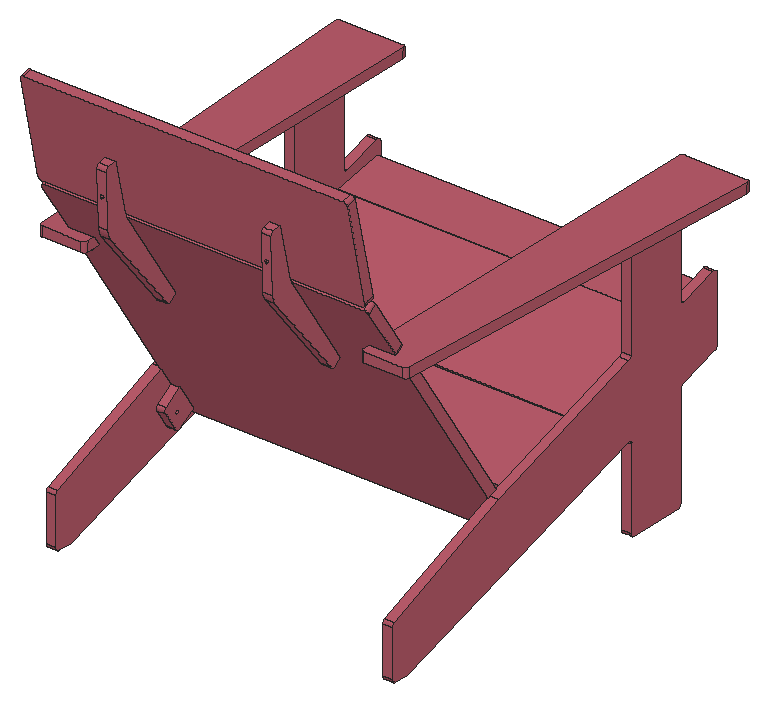
Revit family "Lollygagger Lounge", category Furniture, Revit 2016 (continued)
Automatic sketch dimensions
  Extrusion 8 sketch curve to Extrusion 8 sketch curve = 0' - 4"
  Extrusion 8 sketch curve to Extrusion 8 sketch curve = 0' - 0.17422"
  Extrusion 8 sketch curve to Extrusion 8 sketch curve = 0' - 2.34549"
  Extrusion 8 sketch curve to Extrusion 8 sketch curve = 0' - 2.57578"
  Extrusion 8 sketch curve to Extrusion 8 sketch curve = 0' - 3.05531"
  Extrusion 8 sketch curve to Extrusion 8 sketch curve = 0' - 5.24222"
  Extrusion 8 sketch curve to Extrusion 8 sketch curve = 0' - 1.43138"
  Extrusion 8 sketch curve to Extrusion 8 sketch curve = 0' - 3.44049"
  Extrusion 8 sketch curve to Extrusion 8 sketch curve = 0' - 0.84342"
  Extrusion 8 sketch curve to Extrusion 8 sketch curve = 0' - 4.70765"
  Extrusion 8 sketch curve to Extrusion 8 sketch curve = 0' - 3.65674"
  Extrusion 8 sketch curve to Extrusion 8 sketch curve = 0' - 0.52433"
  Extrusion 8 sketch curve to Extrusion 8 sketch curve = 0' - 5.83073"
  Extrusion 9 sketch curve to Extrusion 9 sketch curve = 0' - 0.15635"
  Extrusion 9 sketch curve to Extrusion 9 sketch curve = 0' - 0 1/4"  (x10)
  Extrusion 9 sketch curve to Extrusion 9 sketch curve = 0' - 0.90372"
  Extrusion 9 sketch curve to Extrusion 9 sketch curve = 0' - 8.51552"
  Extrusion 9 sketch curve to Extrusion 9 sketch curve = 0' - 10.49734"
  Extrusion 9 sketch curve to Extrusion 9 sketch curve = 0' - 0.07578"  (x3)
  Extrusion 9 sketch curve to Extrusion 9 sketch curve = 0' - 0.07725"  (x3)
  Extrusion 9 sketch curve to Extrusion 9 sketch curve = 0' - 3 1/2"
  Extrusion 9 sketch curve to Extrusion 9 sketch curve = 0' - 4"
  Extrusion 9 sketch curve to Extrusion 9 sketch curve = 0' - 0.17422"
  Extrusion 9 sketch curve to Extrusion 9 sketch curve = 0' - 2.34549"
  Extrusion 9 sketch curve to Extrusion 9 sketch curve = 0' - 2.57578"
  Extrusion 9 sketch curve to Extrusion 9 sketch curve = 0' - 3.05531"
  Extrusion 9 sketch curve to Extrusion 9 sketch curve = 0' - 5.24222"
  Extrusion 9 sketch curve to Extrusion 9 sketch curve = 0' - 1.43138"
  Extrusion 9 sketch curve to Extrusion 9 sketch curve = 0' - 3.44049"
  Extrusion 9 sketch curve to Extrusion 9 sketch curve = 0' - 0.84342"
  Extrusion 9 sketch curve to Extrusion 9 sketch curve = 0' - 4.70765"
  Extrusion 9 sketch curve to Extrusion 9 sketch curve = 0' - 3.65674"
  Extrusion 9 sketch curve to Extrusion 9 sketch curve = 0' - 0.52433"
  Extrusion 9 sketch curve to Extrusion 9 sketch curve = 0' - 5.83073"
  Extrusion 20 sketch curve to Extrusion 20 sketch curve = 0' - 0.53858"
  Extrusion 20 sketch curve to Extrusion 20 sketch curve = 0' - 0.43196"
  Extrusion 20 sketch curve to Extrusion 20 sketch curve = 0' - 1.51016"
  Extrusion 21 sketch curve to Extrusion 21 sketch curve = 0' - 0.27288"
  Extrusion 21 sketch curve to Extrusion 21 sketch curve = 0' - 0.05198"  (x2)
  Extrusion 21 sketch curve to Extrusion 21 sketch curve = 0' - 0.78358"
  Extrusion 21 sketch curve to Extrusion 21 sketch curve = 0' - 0.52275"
  Extrusion 22 sketch curve to Extrusion 22 sketch curve = 0' - 0.00016"  (x2)
  Extrusion 22 sketch curve to Extrusion 22 sketch curve = 0' - 0.31142"
  Extrusion 2 sketch curve to plane 8 = 0' - 0"  (x2)
  Extrusion 2 sketch curve to plane 9 = 0' - 0"  (x2)
  Extrusion 2 sketch curve to Extrusion 2 sketch curve = 0' - 0 1/4"  (x3)
  Extrusion 2 sketch curve to plane 8 = 0' - 0 1/4"
  Extrusion 2 sketch curve to Extrusion 2 sketch curve = 0' - 0 1/8"  (x2)
  plane 8 to Extrusion 2 sketch curve = 0' - 0 1/8"  (x2)
  plane 8 to Extrusion 2 sketch curve = 0' - 0 1/4"
  Extrusion 2 sketch curve to Extrusion 2 sketch curve = 0' - 1 5/16"
  Extrusion 2 sketch curve to Extrusion 2 sketch curve = 0' - 0"  (x2)
  Extrusion 2 sketch curve to plane 9 = 0' - 1 11/16"
  Extrusion 2 sketch curve to plane 9 = 0' - 0 1/4"
  Extrusion 2 sketch curve to plane 9 = 0' - 0 1/8"  (x2)
  plane 9 to Extrusion 2 sketch curve = 0' - 0 1/4"  (x2)
  Extrusion 2 sketch curve to Extrusion 2 sketch curve = 0' - 2 3/4"  (x2)
  Extrusion 2 sketch curve to Extrusion 2 sketch curve = 1' - 1.97553"  (x2)
  Extrusion 2 sketch curve to Extrusion 2 sketch curve = 0' - 0.09897"  (x2)
  Extrusion 2 sketch curve to Extrusion 2 sketch curve = 0' - 3.9255"
  Extrusion 5 sketch curve to plane 5 = 0' - 0 5/16"
  Extrusion 5 sketch curve to Extrusion 5 sketch curve = 0' - 0 1/8"  (x3)
  Extrusion 5 sketch curve to plane 8 = 0' - 0 3/16"  (x2)
  Extrusion 5 sketch curve to Extrusion 5 sketch curve = 0' - 5 3/4"
  Extrusion 6 sketch curve to plane 9 = 0' - 0"
  Extrusion 6 sketch curve to plane 8 = 0' - 0"
  Extrusion 6 sketch curve to Extrusion 6 sketch curve = 0' - 7.70956"
  Extrusion 12 sketch curve to plane 8 = 0' - 0"
  Extrusion 12 sketch curve to plane 9 = 0' - 0"
  Extrusion 12 sketch curve to Extrusion 12 sketch curve = 0' - 2 1/4"
  Extrusion 23 sketch curve to plane 9 = 0' - 0"
  Extrusion 23 sketch curve to plane 8 = 0' - 0"
  Extrusion 23 sketch curve to Extrusion 23 sketch curve = 0' - 3.28911"
  plane 8 to Extrusion 11 sketch curve = 0' - 0"
  plane 9 to Extrusion 11 sketch curve = 0' - 0"
  level to Extrusion 11 sketch curve = 0' - 7.05498"
  Extrusion 11 sketch curve to Extrusion 11 sketch curve = 0' - 3.54203"
  curve 49 to plane 5 = 0' - 0"
  curve 49 to plane 9 = 0' - 0"
  curve 54 to plane 8 = 0' - 0"
  curve 58 to plane 4 = 0' - 0"
  curve 38 to plane 9 = 0' - 0 1/8"
  curve 48 to plane 9 = 0' - 0 1/4"
  curve 43 to plane 9 = 0' - 0 1/4"
  curve 44 to curve 41 = 0' - 0"
  curve 38 to curve 38 = 0' - 1 5/16"
  curve 37 to curve 32 = 0' - 0 1/4"
  plane 8 to curve 50 = 0' - 1 11/16"
  curve 50 to curve 52 = 0' - 0 1/4"
  plane 8 to curve 48 = 0' - 0 1/4"
  plane 8 to curve 43 = 0' - 0 1/4"
  curve 44 to curve 43 = 0' - 0"
  plane 8 to curve 52 = 0' - 0 1/8"
  curve 44 to curve 41 = 0' - 0.0439"
  plane 7 to curve 48 = 0' - 0.60898"
  curve 58 to curve 54 = 0' - 1.48771"
  curve 41 to curve 40 = 0' - 2.27414"
  curve 53 to curve 52 = 0' - 0.06808"
  curve 39 to curve 38 = 0' - 0.06808"
  curve 51 to curve 50 = 0' - 0.13616"
  curve 37 to curve 32 = 0' - 0.13616"
  curve 33 to curve 32 = 0' - 0"
  curve 33 to curve 50 = 0' - 0"
  curve 46 to curve 46 = 0' - 0.13616"
  curve 55 to curve 46 = 0' - 0"
  curve 41 to curve 41 = 0' - 0.13616"
  curve 42 to curve 42 = 0' - 0.05624"
  curve 45 to curve 55 = 0' - 0.23629"
  curve 56 to curve 45 = 0' - 0"
  curve 47 to curve 47 = 0' - 0.05624"
  curve 48 to curve 57 = 0' - 0.05624"
  curve 40 to curve 47 = 0' - 0.16436"
  curve 54 to curve 57 = 0' - 0.16436"
  curve 41 to curve 49 = 0' - 0.65028"
  plane 1 "Center Front/Back" to curve 36 = 0' - 1.97061"
  curve 35 to plane 1 "Center Front/Back" = 0' - 3.89828"
  curve 35 to curve 34 = 0' - 0.11929"
  curve 50 to plane 6 = 0' - 0 1/4"
  curve 32 to plane 6 = 0' - 0 1/4"
  curve 33 to plane 6 = 0' - 0.1139"
  plane 5 to curve 16 = 0' - 0"
  plane 9 to curve 12 = 0' - 0"
  plane 9 to curve 20 = 0' - 0"
  plane 9 to curve 17 = 0' - 0"
  curve 3 to plane 11 = 0' - 0"
  plane 8 to curve 4 = 0' - 0"
  plane 8 to curve 10 = 0' - 0"
  plane 8 to curve 1 = 0' - 0"
  plane 4 to curve 10 = 0' - 0"
  curve 13 to plane 9 = 0' - 0 1/8"
  curve 19 to plane 11 = 0' - 0.0725"
  curve 19 to plane 9 = 0' - 0 7/8"
  plane 10 to curve 13 = 0' - 0.2652"
  curve 19 to curve 13 = 0' - 0 9/16"
  curve 14 to curve 21 = 0' - 0 1/4"
  curve 15 to curve 20 = 0' - 0"
  plane 8 to curve 3 = 0' - 1 11/16"
  curve 7 to curve 1 = 0' - 0"
  curve 6 to curve 5 = 0' - 0 1/4"
  curve 8 to plane 11 = 0' - 0.0725"
  curve 2 to curve 8 = 0' - 0 13/16"
  plane 8 to curve 5 = 0' - 0 1/8"
  curve 20 to curve 15 = 0' - 0.05553"
  plane 10 to curve 7 = 0' - 0.05553"
  curve 6 to curve 5 = 0' - 0.20967"
  plane 5 to curve 18 = 0' - 0 7/8"
  curve 22 to curve 18 = 0' - 0.008"
  curve 8 to plane 4 = 0' - 0 7/8"
  curve 8 to curve 3 = 0' - 0.008"
  curve 16 to curve 17 = 0' - 0.9839"
  curve 10 to plane 11 = 0' - 1.0564"
  level to curve 11 = 0' - 0.25498"
  level to curve 17 = 0' - 0.25498"
  curve 21 to curve 15 = 0' - 0.25713"
  plane 11 to curve 7 = 0' - 0.25713"
  curve 4 to curve 4 = 0' - 0.10483"
  curve 12 to curve 12 = 0' - 0.10483"
  curve 28 to plane 11 = 0' - 0"
  curve 27 to plane 10 = 0' - 0"
  curve 28 to curve 24 = 0' - 0.76742"
  curve 29 to plane 11 = 0' - 0.93618"
  curve 31 to curve 29 = 0' - 0.38035"
  curve 62 to plane 11 = 0' - 0.07002"
  curve 62 to plane 6 = 0' - 5.09552"
  curve 61 to curve 60 = 0' - 0.62519"
  plane 7 to curve 23 = 0' - 0.57985"
  curve 24 to curve 25 = 0' - 0.15919"
  plane 10 to curve 25 = 0' - 0.26768"
  curve 25 to curve 25 = 0' - 0.4122"
  curve 25 to curve 26 = 0' - 0.3892"
  curve 26 to curve 28 = 0' - 0.41588"
  curve 31 to plane 11 = 0' - 2.0304"
  plane 1 "Center Front/Back" to curve 63 = 0' - 3.17831"
  curve 63 to curve 63 = 0' - 0.61538"
  curve 59 to curve 62 = 0' - 1.7025"
  curve 60 to curve 59 = 0' - 1.70231"
  Masking region 1 sketch curve to plane 5 = 0' - 0"
  Masking region 1 sketch curve to plane 9 = 0' - 0"
  Masking region 1 sketch curve to plane 8 = 0' - 0"
  Masking region 1 sketch curve to plane 4 = 0' - 0"
  plane 5 to Masking region 1 sketch curve = 0' - 0.45147"
  Masking region 1 sketch curve to Masking region 1 sketch curve = 0' - 0.24959"  (x4)
  plane 5 to Masking region 1 sketch curve = 0' - 1.92281"
  Masking region 1 sketch curve to plane 6 = 0' - 0.26426"  (x2)
  Masking region 1 sketch curve to plane 9 = 0' - 0 1/4"
  Masking region 1 sketch curve to plane 6 = 0' - 0 1/4"
  Masking region 1 sketch curve to plane 9 = 0' - 1 7/16"
  Masking region 1 sketch curve to plane 6 = 0' - 0.1139"
  plane 8 to Masking region 1 sketch curve = 0' - 1.6472"
  Masking region 1 sketch curve to Masking region 1 sketch curve = 0' - 0.2097"
  plane 8 to Masking region 1 sketch curve = 0' - 0 1/4"
  Masking region 1 sketch curve to plane 4 = 0' - 0.45138"
  Masking region 1 sketch curve to plane 4 = 0' - 1.92271"
  plane 7 to Masking region 1 sketch curve = 0' - 3 17/64"  (x2)
  Masking region 1 sketch curve to Masking region 1 sketch curve = 0' - 0.01426"  (x2)
  plane 7 to Masking region 1 sketch curve = 0' - 2.76878"  (x2)
  Masking region 1 sketch curve to plane 7 = 0' - 0.16074"  (x2)
  Masking region 1 sketch curve to Masking region 1 sketch curve = 0' - 0.05624"
  Masking region 2 sketch curve to level = 0' - 0"  (x2)
  Masking region 2 sketch curve to plane 10 = 0' - 0"
  Masking region 2 sketch curve to plane 11 = 0' - 0"  (x2)
  Masking region 2 sketch curve to plane 6 = 0' - 0"  (x2)
  plane 7 to Masking region 2 sketch curve = 0' - 0.392"
  plane 7 to Masking region 2 sketch curve = 0' - 0.20113"
  plane 7 to Masking region 2 sketch curve = 0' - 0.1217"
  plane 7 to Masking region 2 sketch curve = 0' - 0.06546"
  Masking region 2 sketch curve to plane 7 = 0' - 0.01596"
  Masking region 2 sketch curve to plane 7 = 0' - 0.12817"
  plane 7 to Masking region 2 sketch curve = 0' - 0.98352"
  Masking region 2 sketch curve to Masking region 2 sketch curve = 0' - 0.49596"
  Masking region 2 sketch curve to Masking region 2 sketch curve = 0' - 0.03241"
  Masking region 2 sketch curve to Masking region 2 sketch curve = 0' - 0.07933"
  Masking region 2 sketch curve to Masking region 2 sketch curve = 0' - 0.48719"
  Masking region 2 sketch curve to Masking region 2 sketch curve = 0' - 0.15473"
  Masking region 2 sketch curve to Masking region 2 sketch curve = 0' - 0.09268"
  Masking region 2 sketch curve to Masking region 2 sketch curve = 0' - 0 1/4"  (x4)
  Masking region 2 sketch curve to plane 11 = 0' - 2.25852"
  Masking region 2 sketch curve to Masking region 2 sketch curve = 0' - 0.1956"
  Masking region 2 sketch curve to plane 11 = 0' - 2 5/16"
  Masking region 2 sketch curve to Masking region 2 sketch curve = 0' - 0.61149"
  level to Masking region 2 sketch curve = 0' - 5 187/256"
  Masking region 2 sketch curve to Masking region 2 sketch curve = 0' - 0.07578"  (x2)
  Masking region 2 sketch curve to Masking region 2 sketch curve = 0' - 0.07725"  (x2)
  level to Masking region 2 sketch curve = 0' - 0 1/4"  (x2)
  Masking region 2 sketch curve to plane 6 = 0' - 7"
  Masking region 2 sketch curve to plane 6 = 0' - 3 1/4"
  Masking region 2 sketch curve to plane 6 = 0' - 3"
  Masking region 2 sketch curve to Masking region 2 sketch curve = 0' - 0.17422"
  Masking region 2 sketch curve to plane 6 = 0' - 0.32725"
  Masking region 2 sketch curve to plane 6 = 0' - 0 1/4"  (x2)
  Masking region 2 sketch curve to plane 6 = 0' - 0.17422"
  Masking region 2 sketch curve to Masking region 2 sketch curve = 0' - 1.43138"
  Masking region 2 sketch curve to Masking region 2 sketch curve = 0' - 0.84342"
  Masking region 2 sketch curve to Masking region 2 sketch curve = 0' - 4.70765"
  Masking region 2 sketch curve to Masking region 2 sketch curve = 0' - 3.65674"
  Masking region 2 sketch curve to Masking region 2 sketch curve = 0' - 0.52433"
  Masking region 2 sketch curve to Masking region 2 sketch curve = 0' - 0.59051"
  Masking region 2 sketch curve to Masking region 2 sketch curve = 0' - 0.25166"
  Masking region 3 sketch curve to plane 11 = 0' - 0"  (x2)
  Masking region 3 sketch curve to plane 10 = 0' - 0"  (x2)
  plane 5 to Masking region 3 sketch curve = 0' - 0"
  plane 9 to Masking region 3 sketch curve = 0' - 0"  (x3)
  plane 8 to Masking region 3 sketch curve = 0' - 0"  (x3)
  plane 4 to Masking region 3 sketch curve = 0' - 0"
  Masking region 3 sketch curve to level = 0' - 0"  (x2)
  plane 5 to Masking region 3 sketch curve = 0' - 0.883"
  Masking region 3 sketch curve to Masking region 3 sketch curve = 0' - 1.28981"  (x2)
  Masking region 3 sketch curve to plane 9 = 0' - 0 1/4"
  plane 8 to Masking region 3 sketch curve = 0' - 0 5/8"
  plane 8 to Masking region 3 sketch curve = 0' - 0 1/4"  (x3)
  Masking region 3 sketch curve to plane 4 = 0' - 0.883"
  Masking region 3 sketch curve to Masking region 3 sketch curve = 0' - 0.33404"
  Masking region 3 sketch curve to Masking region 3 sketch curve = 0' - 0.07002"
  Masking region 3 sketch curve to plane 11 = 0' - 0.07002"
  plane 10 to Masking region 3 sketch curve = 0' - 3.66472"  (x2)
  Masking region 3 sketch curve to Masking region 3 sketch curve = 0' - 0.41537"  (x2)
  Masking region 3 sketch curve to Masking region 3 sketch curve = 0' - 0.24359"  (x2)
  Masking region 3 sketch curve to plane 9 = 0' - 0.14994"
  Masking region 3 sketch curve to Masking region 3 sketch curve = 0' - 0.10006"  (x2)
  plane 8 to Masking region 3 sketch curve = 0' - 0.14994"
  Masking region 3 sketch curve to Masking region 3 sketch curve = 0' - 0.19214"  (x2)
  Extrusion 10 sketch curve to plane 8 = 0' - 0"
  Extrusion 10 sketch curve to plane 9 = 0' - 0"
  plane 8 to Extrusion 10 sketch curve = 0' - 0 1/4"
  Extrusion 10 sketch curve to Extrusion 10 sketch curve = 0' - 0 1/4"  (x2)
  Extrusion 10 sketch curve to plane 9 = 0' - 0 1/4"
  Extrusion 10 sketch curve to Extrusion 10 sketch curve = 0' - 6 1/2"
  Masking region 3 sketch curve to plane 9 = 0' - 0 5/8"
  Extrusion 25 sketch curve to Extrusion 25 sketch curve = 0' - 0.07351"  (x2)
  Extrusion 25 sketch curve to Extrusion 25 sketch curve = 0' - 0.20967"  (x2)
  Extrusion 25 sketch curve to Extrusion 25 sketch curve = 0' - 0.81696"
  Extrusion 25 sketch curve to Extrusion 25 sketch curve = 0' - 0.72258"
  Extrusion 25 sketch curve to Extrusion 25 sketch curve = 0' - 0.13616"
  Extrusion 25 sketch curve to Extrusion 25 sketch curve = 0' - 1.10076"  (x2)
  Extrusion 25 sketch curve to Extrusion 25 sketch curve = 0' - 0 183/256"
  Extrusion 25 sketch curve to Extrusion 25 sketch curve = 0' - 0.83303"
  Extrusion 25 sketch curve to Extrusion 25 sketch curve = 0' - 0.34583"
  Extrusion 26 sketch curve to Extrusion 26 sketch curve = 0' - 0.53858"
  Extrusion 26 sketch curve to Extrusion 26 sketch curve = 0' - 0.43196"
  Extrusion 26 sketch curve to Extrusion 26 sketch curve = 0' - 1.51016"
  Extrusion 27 sketch curve to Extrusion 27 sketch curve = 0' - 0.27288"  (x2)
  Extrusion 27 sketch curve to Extrusion 27 sketch curve = 0' - 0.05198"  (x2)
  Extrusion 27 sketch curve to Extrusion 27 sketch curve = 0' - 0.78358"
  Extrusion 27 sketch curve to Extrusion 27 sketch curve = 0' - 0.52275"
  Extrusion 28 sketch curve to Extrusion 28 sketch curve = 0' - 0.00016"  (x2)
  Extrusion 28 sketch curve to Extrusion 28 sketch curve = 0' - 0.31142"
  Extrusion 29 sketch curve to Extrusion 29 sketch curve = 0' - 0.21826"
  Extrusion 29 sketch curve to Extrusion 29 sketch curve = 0' - 0.12073"  (x2)
  Extrusion 29 sketch curve to Extrusion 29 sketch curve = 0' - 0.00647"
  Extrusion 29 sketch curve to Extrusion 29 sketch curve = 0' - 0.50682"
  Extrusion 29 sketch curve to Extrusion 29 sketch curve = 0' - 0.23672"
  Extrusion 26 sketch curve to Extrusion 26 sketch curve = 0' - 0.09153"
  Extrusion 26 sketch curve to Extrusion 26 sketch curve = 0' - 0.13462"
  Extrusion 26 sketch curve to Extrusion 26 sketch curve = 0' - 1.65284"
  Extrusion 26 sketch curve to Extrusion 26 sketch curve = 0' - 0.13541"
  Extrusion 26 sketch curve to Extrusion 26 sketch curve = 0' - 0.07358"
  Extrusion 26 sketch curve to Extrusion 26 sketch curve = 0' - 0 11/32"
  Extrusion 26 sketch curve to Extrusion 26 sketch curve = 0' - 0.00845"
  Extrusion 27 sketch curve to Extrusion 27 sketch curve = 0' - 0.19256"  (x2)
  Extrusion 27 sketch curve to Extrusion 27 sketch curve = 0' - 0.60331"
  Extrusion 27 sketch curve to Extrusion 27 sketch curve = 0' - 0.24454"  (x2)
  Extrusion 27 sketch curve to Extrusion 27 sketch curve = 0' - 0.31187"
  Extrusion 28 sketch curve to Extrusion 28 sketch curve = 0' - 1 3/4"
  Extrusion 28 sketch curve to Extrusion 28 sketch curve = 0' - 0.00108"  (x2)
  Extrusion 29 sketch curve to Extrusion 29 sketch curve = 0' - 0.28263"
  Extrusion 29 sketch curve to Extrusion 29 sketch curve = 0' - 0.00036"
  Extrusion 29 sketch curve to Extrusion 29 sketch curve = 0' - 0.21649"
  Extrusion 29 sketch curve to Extrusion 29 sketch curve = 0' - 0.51096"
  Extrusion 30 sketch curve to Extrusion 30 sketch curve = 0' - 0.07351"  (x2)
  Extrusion 30 sketch curve to Extrusion 30 sketch curve = 0' - 0.20967"  (x2)
  Extrusion 30 sketch curve to Extrusion 30 sketch curve = 0' - 0.81696"
  Extrusion 30 sketch curve to Extrusion 30 sketch curve = 0' - 0.72258"
  Extrusion 30 sketch curve to Extrusion 30 sketch curve = 0' - 0.13616"
  Extrusion 30 sketch curve to Extrusion 30 sketch curve = 0' - 1.10076"  (x2)
  Extrusion 30 sketch curve to Extrusion 30 sketch curve = 0' - 0 183/256"
  Extrusion 30 sketch curve to Extrusion 30 sketch curve = 0' - 0.83303"
  Extrusion 30 sketch curve to Extrusion 30 sketch curve = 0' - 0.34583"
  Extrusion 31 sketch curve to Extrusion 31 sketch curve = 0' - 0.53858"
  Extrusion 31 sketch curve to Extrusion 31 sketch curve = 0' - 0.43196"
  Extrusion 31 sketch curve to Extrusion 31 sketch curve = 0' - 1.51016"
  Extrusion 32 sketch curve to Extrusion 32 sketch curve = 0' - 0.27288"  (x2)
  Extrusion 32 sketch curve to Extrusion 32 sketch curve = 0' - 0.05198"  (x2)
  Extrusion 32 sketch curve to Extrusion 32 sketch curve = 0' - 0.78358"
  Extrusion 32 sketch curve to Extrusion 32 sketch curve = 0' - 0.52275"
  Extrusion 33 sketch curve to Extrusion 33 sketch curve = 0' - 0.00016"  (x2)
  Extrusion 33 sketch curve to Extrusion 33 sketch curve = 0' - 0.31142"
  Extrusion 34 sketch curve to Extrusion 34 sketch curve = 0' - 0.21826"
  Extrusion 34 sketch curve to Extrusion 34 sketch curve = 0' - 0.12073"  (x2)
  Extrusion 34 sketch curve to Extrusion 34 sketch curve = 0' - 0.00647"
  Extrusion 34 sketch curve to Extrusion 34 sketch curve = 0' - 0.50682"
  Extrusion 34 sketch curve to Extrusion 34 sketch curve = 0' - 0.23672"
  Extrusion 31 sketch curve to Extrusion 31 sketch curve = 0' - 0.09153"
  Extrusion 31 sketch curve to Extrusion 31 sketch curve = 0' - 0.13462"
  Extrusion 31 sketch curve to Extrusion 31 sketch curve = 0' - 1.65284"
  Extrusion 31 sketch curve to Extrusion 31 sketch curve = 0' - 0.13541"
  Extrusion 31 sketch curve to Extrusion 31 sketch curve = 0' - 0.07358"
  Extrusion 31 sketch curve to Extrusion 31 sketch curve = 0' - 0 11/32"
  Extrusion 31 sketch curve to Extrusion 31 sketch curve = 0' - 0.00845"
  Extrusion 32 sketch curve to Extrusion 32 sketch curve = 0' - 0.19256"  (x2)
  Extrusion 32 sketch curve to Extrusion 32 sketch curve = 0' - 0.60331"
  Extrusion 32 sketch curve to Extrusion 32 sketch curve = 0' - 0.24454"  (x2)
  Extrusion 32 sketch curve to Extrusion 32 sketch curve = 0' - 0.31187"
  Extrusion 33 sketch curve to Extrusion 33 sketch curve = 0' - 1 3/4"
  Extrusion 33 sketch curve to Extrusion 33 sketch curve = 0' - 0.00108"  (x2)
  Extrusion 34 sketch curve to Extrusion 34 sketch curve = 0' - 0.28263"
  Extrusion 34 sketch curve to Extrusion 34 sketch curve = 0' - 0.00036"
  Extrusion 34 sketch curve to Extrusion 34 sketch curve = 0' - 0.21649"
  Extrusion 34 sketch curve to Extrusion 34 sketch curve = 0' - 0.51096"
  Extrusion 36 sketch curve to Extrusion 36 sketch curve = 0' - 0.53858"
  Extrusion 36 sketch curve to Extrusion 36 sketch curve = 0' - 0.43196"
  Extrusion 36 sketch curve to Extrusion 36 sketch curve = 0' - 1.51016"
  Extrusion 37 sketch curve to Extrusion 37 sketch curve = 0' - 0.27288"  (x2)
  Extrusion 37 sketch curve to Extrusion 37 sketch curve = 0' - 0.05198"  (x2)
  Extrusion 37 sketch curve to Extrusion 37 sketch curve = 0' - 0.78358"
  Extrusion 37 sketch curve to Extrusion 37 sketch curve = 0' - 0.52275"
  Extrusion 38 sketch curve to Extrusion 38 sketch curve = 0' - 0.00016"  (x2)
  Extrusion 38 sketch curve to Extrusion 38 sketch curve = 0' - 0.31142"
  Extrusion 35 sketch curve to Extrusion 35 sketch curve = 0' - 0.07351"  (x2)
  Extrusion 35 sketch curve to Extrusion 35 sketch curve = 0' - 0.20967"  (x2)
  Extrusion 35 sketch curve to Extrusion 35 sketch curve = 0' - 0.81696"
  Extrusion 35 sketch curve to Extrusion 35 sketch curve = 0' - 0.72258"
  Extrusion 35 sketch curve to Extrusion 35 sketch curve = 0' - 0.13616"
  Extrusion 35 sketch curve to Extrusion 35 sketch curve = 0' - 1.10076"  (x2)
  Extrusion 35 sketch curve to Extrusion 35 sketch curve = 0' - 0 183/256"
  Extrusion 35 sketch curve to Extrusion 35 sketch curve = 0' - 0.83303"
  Extrusion 35 sketch curve to Extrusion 35 sketch curve = 0' - 0.34583"
  Extrusion 39 sketch curve to Extrusion 39 sketch curve = 0' - 0.21826"
  Extrusion 39 sketch curve to Extrusion 39 sketch curve = 0' - 0.12073"  (x2)
  Extrusion 39 sketch curve to Extrusion 39 sketch curve = 0' - 0.00647"
  Extrusion 39 sketch curve to Extrusion 39 sketch curve = 0' - 0.50682"
  Extrusion 39 sketch curve to Extrusion 39 sketch curve = 0' - 0.23672"
  Extrusion 36 sketch curve to Extrusion 36 sketch curve = 0' - 0.09153"
  Extrusion 36 sketch curve to Extrusion 36 sketch curve = 0' - 0.13462"
  Extrusion 36 sketch curve to Extrusion 36 sketch curve = 0' - 1.65284"
  Extrusion 36 sketch curve to Extrusion 36 sketch curve = 0' - 0.13541"
  Extrusion 36 sketch curve to Extrusion 36 sketch curve = 0' - 0.07358"
  Extrusion 36 sketch curve to Extrusion 36 sketch curve = 0' - 0 11/32"
  Extrusion 36 sketch curve to Extrusion 36 sketch curve = 0' - 0.00845"
  Extrusion 37 sketch curve to Extrusion 37 sketch curve = 0' - 0.19256"  (x2)
  Extrusion 37 sketch curve to Extrusion 37 sketch curve = 0' - 0.60331"
  Extrusion 37 sketch curve to Extrusion 37 sketch curve = 0' - 0.24454"  (x2)
  Extrusion 37 sketch curve to Extrusion 37 sketch curve = 0' - 0.31187"
  Extrusion 38 sketch curve to Extrusion 38 sketch curve = 0' - 1 3/4"
  Extrusion 38 sketch curve to Extrusion 38 sketch curve = 0' - 0.00108"  (x2)
  Extrusion 39 sketch curve to Extrusion 39 sketch curve = 0' - 0.28263"
  Extrusion 39 sketch curve to Extrusion 39 sketch curve = 0' - 0.00036"
  Extrusion 39 sketch curve to Extrusion 39 sketch curve = 0' - 0.21649"
  Extrusion 39 sketch curve to Extrusion 39 sketch curve = 0' - 0.51096"
  radius of Extrusion 15 sketch curve = 0' - 0.12341"
  radius of Extrusion 17 sketch curve = 0' - 0.12341"
  radius of Extrusion 19 sketch curve = 0' - 0.12341"
  radius of Extrusion 20 sketch curve = 0' - 0.15496"
  radius of Extrusion 22 sketch curve = 0' - 0.14929"  (x2)
  radius of Extrusion 25 sketch curve = 0' - 0.15467"
  radius of Extrusion 26 sketch curve = 0' - 0.15496"
  radius of Extrusion 28 sketch curve = 0' - 0.14929"  (x2)
  radius of Extrusion 27 sketch curve = 0' - 0.15469"
  radius of Extrusion 29 sketch curve = 0' - 0.14853"
  radius of Extrusion 30 sketch curve = 0' - 0.15467"
  radius of Extrusion 31 sketch curve = 0' - 0.15496"
  radius of Extrusion 33 sketch curve = 0' - 0.14929"  (x2)
  radius of Extrusion 32 sketch curve = 0' - 0.15469"
  radius of Extrusion 34 sketch curve = 0' - 0.14853"
  radius of Extrusion 36 sketch curve = 0' - 0.15496"
  radius of Extrusion 38 sketch curve = 0' - 0.14929"  (x2)
  radius of Extrusion 35 sketch curve = 0' - 0.15467"
  radius of Extrusion 37 sketch curve = 0' - 0.15469"
  radius of Extrusion 39 sketch curve = 0' - 0.14853"
Types (11): name | Finish Material
  Loll-Black | Loll-Black
  Loll-Sunset | Loll-Sunset
  Loll-Chocolate | Loll-Chocolate
  Loll-Sky | Loll-Sky
  Loll-Apple | Loll-Apple
  Loll-Leaf | Loll-Leaf
  Loll-Evergreen | Loll-Evergreen
  Loll-Charcoal | Loll-Charcoal
  Loll-Sand | Loll-Sand
  Loll-Navy Blue | Loll-Navy Blue
  Loll-White | Loll-White
